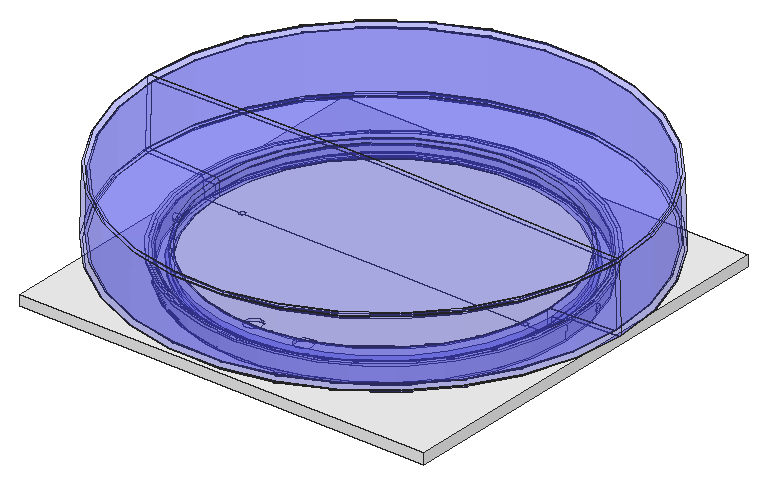
Revit family "BE_23297P_de_DE", category Leuchten, Revit 2020
Family settings
  Basisbauteil = Fläche
  Bemaßung runder Anschluss = Durchmesser verwenden
  Teiletyp = Normal
  Beim Laden mit Abzugskörper schneiden = Ja
  Lichtquelle = Ja
  Gemeinsam genutzt = Nein
  Raumberechnungspunkt = Ja
Parameters (values of type "BEGA_23297P_K3")
  built-in parameter 1150104 = 12.105 (stored number, unit not read)
  Wattage = 37.8 W
  Default Elevation = 0 mm
  built-in parameter 1150113 = 1 (stored number, unit not read)
  built-in parameter 1114218 = 1 (stored number, unit not read)
  Umgebungstemperatur = ""
  URL = "http://www.bega.de/de/produkt/23297P"
  Typenkommentare = "© 2022 BEGA. Wir behalten uns das Recht vor, technische Änderungen ohne vorherige Ankündigung vorzunehmen."  # constant formula
  built-in parameter 1150134 = 12
  built-in parameter 1150109 = 1 (stored number, unit not read)
  Strom = ""
  built-in parameter 1150110 = 1 (stored number, unit not read)
  Spannung = 239.996 V
  Sonderanfertigung = no
  Seriennummer [instance] = "Hier können Sie die eindeutige Seriennummer für das Facility Management eintragen."
  Schutzklasse = "I"
  Schutzart = "IP 44"
  Scheinlast = 0 VA
  Produktdatenblatt = "http://www.bega.de/download/Xrfa/db/23297P.db.de.pdf"
  Oberflächentemperatur = ""
  Neigungswinkel = 0.00°
  Model = "23297PK4"
  Material_17 = BEGA_Reflektor
  Material_15 = BEGA_Leuchtmedium_matt
  Material_14 = BEGA_Kunststoff_opal
  Material_11 = BEGA_Glas_opal
  Material_09 = BEGA_Glas_klar
  Material_06 = BEGA_Oberfläche_Edelstahl_gebürstet
  Material_05 = BEGA_Oberfläche_Aluminium Guss
  Material_03 = BEGA_Oberfläche_Weiss_matt
  Material_02 = BEGA_Oberfläche_Silber_matt
  Material_01 [instance] = BEGA_Oberfläche_Grafit_matt
  M_W = no
  M_G = no
  M_A = no
  Logo = 0
  built-in parameter 1114217 = 1 (stored number, unit not read)
  built-in parameter 1150139 = (empty or 0)
  built-in parameter 1150105 = 1277 (stored number, unit not read)
  built-in parameter 1150114 = 1 (stored number, unit not read)
  Lumens = 4925.34 lm
  built-in parameter 1150115 = 1 (stored number, unit not read)
  Leuchtenlichtstrom = "3968 lm"
  Leuchtenanzahl = ""
  Lebensdauerkriterien = "L70B50 @ 25 °C =  h"
  Lastklassifizierung = Beleuchtung
  built-in parameter 1150112 = 1 (stored number, unit not read)
  Lampenlichtstrom = "4925 lm"
  Lamp = "LED 37.8 W"
  LED_Modulbezeichnung = "LED-0531/940"
  Hersteller = "BEGA"  # constant formula
  Halbstreuwinkel = ""
  Gewicht = "5.2 kg"
  Gebrauchslageneinschränkung [instance] = ""
  Frequenz = "0/50-60 Hz"
  Farbwiedergabeindex = "CRI > 90"
  Farbtemperaturverschiebung bei Dämpfen der Lampe = <Keine Auswahl>
  Farbtemperatur = "4000 K"
  Color Filter = 16777215
  built-in parameter 1150133 = 10 (stored number, unit not read)
  Energieeffizienzklasse = "LED A++ - A"
  built-in parameter 1150137 = (empty or 0)
  built-in parameter 1150132 = (empty or 0)
  ENEC = ""
  Dimmbar [instance] = "DALI"
  Photometric Web File = "BE_23297PK4.IES"
  CE_Konformität = "ja"
  Bestellnummer = "23297PK4"
  Beschreibung_Sonderanfertigung = "Hier können Sie Informationen zur Sonderanfertigung eintragen."
  Beschreibung = "Decken- und Wandleuchte"
  built-in parameter 1150106 = 12.77 (stored number, unit not read)
  Befestigungsbohrung = "Ø 5,5 mm"
  Befestigungsabstand = "280 mm"
  Ballwurfsicher = ""
  BEGA_Intern_aus = yes
  BEGA_Intern_an = yes
  BEGA_Intern_Konstruktion = yes
  BEGA_Intern = yes
  BEGA_IES = yes
  BEGA_Dummy = no
  Anschlussleitung = ""
  Anschlussleistung [instance] = "43.5 W"
  Anschlusskasten = ""
  built-in parameter 1150107 = 4000 (stored number, unit not read)
  built-in parameter 1150102 = (empty or 0)
  built-in parameter 1150138 = (empty or 0)
  Aktualisierung = "2019-07-05T04:00:16"
  Abstand_zur_angestrahlten_Fläche [instance] = ""
  AC/DC = "AC/DC"
Reference planes
  plane 1 "Mitte (Vorne/Hinten)": y = 0
  plane 2: z = 0
  plane 3 "Mitte (Links/Rechts)": x = 0
  plane 4 "Links": x = -234.948
  plane 5 "Rechts": x = 234.948
  plane 6 "Unten": y = -234.9
  plane 7 "Oben": y = 234.9
  plane 8 "Vorne": z = 99.7
  plane 9 "Hinten": z = 0
Forms (mm)
  Extrusion 1, solid, material "BEGA_Platte_Weiss"
    sketch origin (0, -1119.2, 0) x (1, 0, 0) y (0, 1, 0)
      loop
        line (-200, 1319.2) -> (-200, 919.2) -> (200, 919.2) -> (200, 1319.2) -> (-200, 1319.2)
    from 0 to -10
  Extrusion 2, solid, material "BEGA_Dummy_matt", visible <- "BEGA_Dummy"
    sketch origin (77.149, -76.023, 0) x (1, 0, 0) y (0, 1, 0)
      loop
        circle (-77.149, 76.023) r 235
    from 0 to 99.7
Dimensions and locks
  plane 1 "Mitte (Vorne/Hinten)" to Extrusion 1 = 200 mm
  aligned and locked: plane 2 to Extrusion 1
  aligned and locked: level to Extrusion 1
Nested families
  nested 1: "BE_23297P" at (0, 0, 0), type "BE_23297P"
Connectors
  electrical at (0, 0, 0), driven by "Lastklassifizierung", driven by "Spannung", driven by "Scheinlast"
    settings: index 1, voltage 239.996 V, apparent load 0 VA, apparent load phase1 0 VA, apparent load phase2 0 VA, apparent load phase3 0 VA, power factor 1, load classification "Beleuchtung", number of poles 1, system type 31, power factor state 1, is connector primary yes, connector utility no, sub classification motor no, connector description ""
Definition of nested family "BE_23297P"
  Parameters (values of type "BE_23297P")
    Default Elevation = 1 mm
    URL = "http://www.bega.de/de/produkt"
    Type Comments = "© 2015 BEGA. Wir behalten uns das Recht vor, technische Änderungen ohne vorherige Ankündigung vorzunehmen. "  # constant formula
    Type Image = (empty or 0)
    Neigungswinkel_um_Z2 = 0.00°
    Neigungswinkel_um_Z1 = 0.00°
    Neigungswinkel_um_Y2 = 0.00°
    Neigungswinkel_um_Y1 = 0.00°
    Neigungswinkel_um_X2 = 0.00°
    Neigungswinkel_um_X1 = 0.00°
    Material_17 = none
    Material_15 = none
    Material_14 = none
    Material_11 = none
    Material_09 = none
    Material_06 = none
    Material_05 = none
    Material_03 = none
    Material_02 = none
    Material_01 = none
    M_W = yes
    M_G = yes
    M_A = yes
    Länge_Platte = 600 mm  # constant formula
    Höhe_Platte = -10 mm  # constant formula
    Manufacturer = "BEGA"  # constant formula
    Drehwinkel_um_Z2 = 0.00°
    Drehwinkel_um_Z1 = 0.00°
    Breite_Platte = 600 mm  # constant formula
  Reference planes
    plane 1 "Mitte (Oben/Unten)": y = 0
    plane 2: z = 0
    plane 3 "Mitte (Links/Rechts)": x = 0
    plane 4: x = -234.948
    plane 5: z = 99.7
    plane 6: x = 234.948
    plane 7: y = -234.9
    plane 8: y = 234.9
  Forms (mm)
    Extrusion 1, solid, detail levels medium
      sketch origin (0, 0, 0) x (1, 0, 0) y (0, 1, 0)
        loop
          line (-300, 300) -> (-300, -300) -> (300, -300) -> (300, 300) -> (-300, 300)
      from 0 to -10 <- "Höhe_Platte"
    Revolve 2, solid, material <- "Material_03", detail levels medium+fine
      sketch origin (0, 0, 0) x (1, 0, 0) y (0, 0, 1)
        loop
          line (-185, 23.01) -> (-182.531, 23)
          arc (-182.531, 23) -> (-181.129, 22.426) -> (-180.531, 21.035) r 2
          line (-180.531, 21.035) -> (-180.268, 5.954)
          arc (-180.268, 5.954) -> (-179.372, 3.864) -> (-177.268, 3) r 3
          line (-177.268, 3) -> (0, 3) -> (0, 5.01) -> (-177.268, 5.01)
          arc (-177.268, 5.01) -> (-177.969, 5.297) -> (-178.268, 5.993) r 1
          line (-178.268, 5.993) -> (-178.531, 21.065)
          arc (-178.531, 21.065) -> (-179.726, 23.851) -> (-182.531, 25.01) r 4
          line (-182.531, 25.01) -> (-185, 25.01) -> (-185, 23.01)
        axis (0, 3) -> (0, 25.01)
      angle from 0 to 360
    Revolve 3, solid, material <- "Material_14", detail levels medium+fine
      sketch origin (0, 0, 0) x (1, 0, 0) y (0, 0, 1)
        loop
          line (0, 99.7) -> (-231.281, 95.733)
          arc (-231.281, 95.733) -> (-232.657, 95.151) -> (-233.246, 93.778) r 2
          line (-233.246, 93.778) -> (-234.948, 28.777)
          arc (-234.948, 28.777) -> (-234.406, 27.354) -> (-233.019, 26.726) r 2
          line (-233.019, 26.726) -> (-179.745, 24.866)
          arc (-179.745, 24.866) -> (-178.929, 22.638) -> (-176.75, 21.7) r 3
          line (-176.75, 21.7) -> (-166.5, 21.7) -> (-166.5, 15.467) -> (-169, 13.263) -> (-169, 9.7) -> (-165, 9.7) -> (-162.5, 11.7) -> (-162.5, 25.461)
          arc (-162.5, 25.461) -> (-163.315, 27.479) -> (-165.303, 28.364) r 2.905
          line (-165.303, 28.364) -> (-228.913, 30.585)
          arc (-228.913, 30.585) -> (-230.305, 31.216) -> (-230.845, 32.646) r 2
          line (-230.845, 32.646) -> (-229.347, 89.852)
          arc (-229.347, 89.852) -> (-228.757, 91.219) -> (-227.386, 91.799) r 2
          line (-227.386, 91.799) -> (0, 95.699) -> (0, 99.7)
        axis (0, 99.7) -> (0, 9.7)
      angle from 0 to 360
    Extrusion 4, void
      sketch origin (0, 0, 0) x (1, 0, 0) y (0, 1, 0)
        loop
          circle (-25, -130) r 8.5
        loop
          circle (-140, 0) r 2.75
        loop
          circle (25, -130) r 8.5
        loop
          circle (140, 0) r 2.75
      from 0 to 6
    Revolve 5, solid, material <- "Material_03", detail levels medium+fine
      sketch origin (20.712, -116.673, 0) x (1, 0, 0) y (0, 0, 1)
        loop
          line (-137.385, 3.824) -> (-146.241, 3.824)
          arc (-146.241, 3.824) -> (-142.208, 0.997) -> (-137.385, 0) r 12.167
          line (-137.385, 0) -> (-137.385, 3.824)
        axis (-137.385, 0) -> (-137.385, 3.824)
      angle from 0 to 360
    Revolve 6, solid, material <- "Material_06", detail levels fine
      sketch origin (0, 0, 11.5) x (0.087156, -0.996195, 0) y (0.996195, 0.087156, 0)
        loop
          line (28.144, -178.328) -> (31.345, -177.763) -> (29.972, -169.982) -> (26.772, -170.546) -> (28.144, -178.328)
        axis (29.972, -169.982) -> (31.345, -177.763)
      angle from 0 to 360
    Revolve 7, solid, material <- "Material_03", detail levels medium+fine
      sketch origin (-116.673, -20.712, 0) x (0, -1, 0) y (0, 0, 1)
        loop
          line (-137.385, 3.824) -> (-146.241, 3.824)
          arc (-146.241, 3.824) -> (-142.208, 0.997) -> (-137.385, 0) r 12.167
          line (-137.385, 0) -> (-137.385, 3.824)
        axis (-137.385, 0) -> (-137.385, 3.824)
      angle from 0 to 360
    Revolve 8, solid, material <- "Material_03", detail levels medium+fine
      sketch origin (116.673, 20.712, 0) x (0, 1, 0) y (0, 0, 1)
        loop
          line (-137.385, 3.824) -> (-146.241, 3.824)
          arc (-146.241, 3.824) -> (-142.208, 0.997) -> (-137.385, 0) r 12.167
          line (-137.385, 0) -> (-137.385, 3.824)
        axis (-137.385, 0) -> (-137.385, 3.824)
      angle from 0 to 360
    Revolve 9, solid, material <- "Material_03", detail levels medium+fine
      sketch origin (-20.712, 116.673, 0) x (-1, 0, 0) y (0, 0, 1)
        loop
          line (-137.385, 3.824) -> (-146.241, 3.824)
          arc (-146.241, 3.824) -> (-142.208, 0.997) -> (-137.385, 0) r 12.167
          line (-137.385, 0) -> (-137.385, 3.824)
        axis (-137.385, 0) -> (-137.385, 3.824)
      angle from 0 to 360
    Revolve 10, solid, material <- "Material_06", detail levels fine
      sketch origin (0, 0, 11.5) x (0.422618, -0.906308, 0) y (0.906308, 0.422618, 0)
        loop
          line (28.144, 178.328) -> (26.772, 170.546) -> (29.972, 169.982) -> (31.345, 177.763) -> (28.144, 178.328)
        axis (29.972, 169.982) -> (31.345, 177.763)
      angle from 0 to 360
  Cuts and joins
    Extrusion 4 cuts Revolve 2
    joined: Revolve 2, Revolve 5, Revolve 7, Revolve 8, Revolve 9
  Dimensions and locks
    equal spacing: Extrusion 1 sketch curve, plane 3 "Mitte (Links/Rechts)", Extrusion 1 sketch curve
    equal spacing: Extrusion 1 sketch curve, plane 1 "Mitte (Oben/Unten)", Extrusion 1 sketch curve
    "Länge_Platte": Extrusion 1 sketch curve to Extrusion 1 sketch curve
    "Breite_Platte": Extrusion 1 sketch curve to Extrusion 1 sketch curve
    aligned and locked: Extrusion 1 to plane 2
    aligned and locked: level to Extrusion 1
  Automatic sketch dimensions
    Revolve 2 sketch curve to Revolve 2 sketch curve = 0 mm  (x7)
    Revolve 2 sketch curve to plane 3 "Mitte (Links/Rechts)" = 0 mm  (x2)
    level to Revolve 2 sketch curve = 6.003 mm
    Revolve 2 sketch curve to plane 4 = 57.68 mm
    level to Revolve 2 sketch curve = 5.993 mm
    Revolve 2 sketch curve to Revolve 2 sketch curve = 1 mm
    level to Revolve 2 sketch curve = 21.065 mm
    Revolve 2 sketch curve to Revolve 2 sketch curve = 0.263 mm
    level to Revolve 2 sketch curve = 5.954 mm
    Revolve 2 sketch curve to Revolve 2 sketch curve = 2 mm  (x4)
    level to Revolve 2 sketch curve = 21.035 mm
    Revolve 2 sketch curve to Revolve 2 sketch curve = 2.469 mm
    level to Revolve 2 sketch curve = 3 mm
    Revolve 2 sketch curve to Revolve 2 sketch curve = 2.01 mm
    Revolve 2 sketch curve to Revolve 2 sketch curve = 0.035 mm
    Revolve 2 sketch curve to Revolve 2 sketch curve = 0.01 mm
    Revolve 2 sketch curve to Revolve 2 sketch curve = 0.569 mm
    plane 4 to Revolve 3 sketch curve = 0 mm  (x2)
    Revolve 3 sketch curve to plane 3 "Mitte (Links/Rechts)" = 0 mm  (x2)
    Revolve 3 sketch curve to plane 5 = 0 mm
    Revolve 3 sketch curve to plane 4 = 1.702 mm
    Revolve 3 sketch curve to plane 4 = 1.999 mm
    Revolve 3 sketch curve to Revolve 3 sketch curve = 2 mm  (x3)
    Revolve 3 sketch curve to plane 4 = 4.103 mm
    Revolve 3 sketch curve to Revolve 3 sketch curve = 1.933 mm
    Revolve 3 sketch curve to Revolve 3 sketch curve = 1.999 mm  (x4)
    Revolve 3 sketch curve to Revolve 3 sketch curve = 3.861 mm
    Revolve 3 sketch curve to Revolve 3 sketch curve = 0.038 mm
    level to Revolve 3 sketch curve = 24.866 mm
    Revolve 3 sketch curve to Revolve 3 sketch curve = 49.167 mm
    Revolve 3 sketch curve to Revolve 3 sketch curve = 2.995 mm
    level to Revolve 3 sketch curve = 13.263 mm
    Revolve 3 sketch curve to Revolve 3 sketch curve = 7.75 mm
    Revolve 3 sketch curve to Revolve 3 sketch curve = 2.5 mm
    Revolve 3 sketch curve to Revolve 3 sketch curve = 1.095 mm
    level to Revolve 3 sketch curve = 28.364 mm
    Revolve 3 sketch curve to Revolve 3 sketch curve = 0.101 mm
    level to Revolve 3 sketch curve = 9.7 mm
    Revolve 3 sketch curve to Revolve 3 sketch curve = 4 mm
    Revolve 3 sketch curve to Revolve 3 sketch curve = 2.905 mm
    Revolve 3 sketch curve to Revolve 3 sketch curve = 2.204 mm
    Revolve 3 sketch curve to Revolve 3 sketch curve = 3.761 mm
    Revolve 3 sketch curve to Revolve 3 sketch curve = 0.166 mm
    level to Revolve 3 sketch curve = 28.725 mm
    Revolve 3 sketch curve to Revolve 3 sketch curve = 1.86 mm
    plane 5 to Revolve 3 sketch curve = 9.901 mm
    Revolve 3 sketch curve to Revolve 3 sketch curve = 1.934 mm
    Revolve 3 sketch curve to Revolve 3 sketch curve = 0.044 mm
    Revolve 3 sketch curve to Revolve 3 sketch curve = 4.001 mm
    Revolve 3 sketch curve to plane 4 = 1.93 mm
    Revolve 3 sketch curve to Revolve 3 sketch curve = 0 mm  (x9)
    Revolve 3 sketch curve to Revolve 3 sketch curve = 0.034 mm
    Revolve 3 sketch curve to Revolve 3 sketch curve = 30.444 mm
    Revolve 3 sketch curve to Revolve 3 sketch curve = 13.579 mm
    plane 1 "Mitte (Oben/Unten)" to Extrusion 4 sketch curve = 0 mm  (x2)
    Extrusion 4 sketch curve to plane 4 = 94.948 mm
    Extrusion 4 sketch curve to plane 3 "Mitte (Links/Rechts)" = 25 mm
    plane 3 "Mitte (Links/Rechts)" to Extrusion 4 sketch curve = 25 mm
    Extrusion 4 sketch curve to plane 6 = 94.948 mm
    plane 7 to Extrusion 4 sketch curve = 104.9 mm
    Extrusion 4 sketch curve to Extrusion 4 sketch curve = 0 mm
    Revolve 5 sketch curve to level = 0 mm  (x2)
    level to Revolve 5 sketch curve = 3.824 mm
    Revolve 5 sketch curve to plane 4 = 109.42 mm
    level to Revolve 5 sketch curve = 12.167 mm
    Revolve 5 sketch curve to Revolve 5 sketch curve = 8.856 mm
    Revolve 5 sketch curve to Revolve 5 sketch curve = 0 mm
    Revolve 5 sketch curve to Revolve 5 sketch curve = 0.51 mm
    plane 1 "Mitte (Oben/Unten)" to Revolve 6 sketch curve = 41.534 mm
    Revolve 6 sketch curve to plane 4 = 67.384 mm
    Revolve 6 sketch curve to Revolve 6 sketch curve = 1.372 mm
    Revolve 6 sketch curve to Revolve 6 sketch curve = 3.201 mm  (x2)
    Revolve 6 sketch curve to Revolve 6 sketch curve = 7.217 mm
    Revolve 6 sketch curve to Revolve 6 sketch curve = 0.564 mm  (x2)
    Revolve 6 sketch curve to Revolve 6 sketch curve = 3.726 mm
    Revolve 6 sketch curve to Revolve 6 sketch curve = 1.44 mm
    Revolve 6 sketch curve to Revolve 6 sketch curve = 21.133 mm
    Revolve 6 sketch curve to Revolve 6 sketch curve = 8.164 mm
    Revolve 7 sketch curve to level = 0 mm  (x2)
    level to Revolve 7 sketch curve = 3.824 mm
    plane 8 to Revolve 7 sketch curve = 109.371 mm
    level to Revolve 7 sketch curve = 12.167 mm
    Revolve 7 sketch curve to Revolve 7 sketch curve = 8.856 mm
    Revolve 7 sketch curve to Revolve 7 sketch curve = 0 mm
    Revolve 7 sketch curve to Revolve 7 sketch curve = 0.51 mm
    Revolve 8 sketch curve to level = 0 mm  (x2)
    level to Revolve 8 sketch curve = 3.824 mm
    plane 7 to Revolve 8 sketch curve = 109.371 mm
    level to Revolve 8 sketch curve = 12.167 mm
    Revolve 8 sketch curve to Revolve 8 sketch curve = 8.856 mm
    Revolve 8 sketch curve to Revolve 8 sketch curve = 0 mm
    Revolve 8 sketch curve to Revolve 8 sketch curve = 0.51 mm
    Revolve 9 sketch curve to level = 0 mm  (x2)
    level to Revolve 9 sketch curve = 3.824 mm
    Revolve 9 sketch curve to plane 6 = 109.42 mm
    level to Revolve 9 sketch curve = 12.167 mm
    Revolve 9 sketch curve to Revolve 9 sketch curve = 8.856 mm
    Revolve 9 sketch curve to Revolve 9 sketch curve = 0 mm
    Revolve 9 sketch curve to Revolve 9 sketch curve = 0.51 mm
    Revolve 10 sketch curve to plane 1 "Mitte (Oben/Unten)" = 47.813 mm
    Revolve 10 sketch curve to plane 6 = 69.066 mm
    Revolve 10 sketch curve to Revolve 10 sketch curve = 1.372 mm
    Revolve 10 sketch curve to Revolve 10 sketch curve = 3.201 mm  (x2)
    Revolve 10 sketch curve to Revolve 10 sketch curve = 0.564 mm  (x2)
    Revolve 10 sketch curve to Revolve 10 sketch curve = 7.781 mm
    Revolve 10 sketch curve to Revolve 10 sketch curve = 3.726 mm
    Revolve 10 sketch curve to Revolve 10 sketch curve = 1.44 mm
    Revolve 10 sketch curve to Revolve 10 sketch curve = 21.133 mm
    Revolve 10 sketch curve to Revolve 10 sketch curve = 8.164 mm
    radius of Extrusion 4 sketch curve = 8.5 mm  (x2)
    radius of Extrusion 4 sketch curve = 2.75 mm  (x2)
